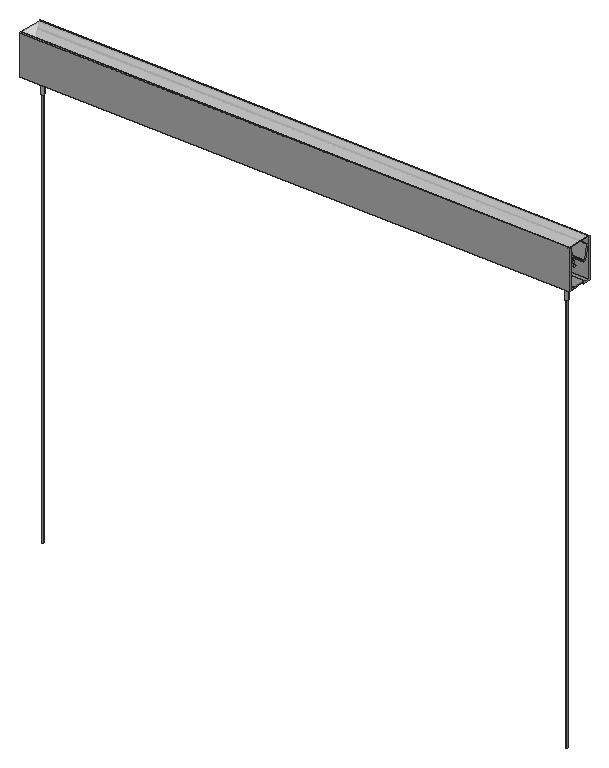
Revit family "2093093 Sylvania Lighting Fixture MC2 D I 1-2M 3K DALI WHT PRIS", category Lighting Fixtures, host Face, Revit 2016
Family settings
  Host = Face
  Part Type = Normal
  Round Connector Dimension = Use Diameter
  OmniClass Number = 23.80.70.11.17
  OmniClass Title = Specialized Lighting by Location or Use
  Cut with Voids When Loaded = No
  Light Source = Yes
  Shared = No
  Room Calculation Point = No
Parameters (values of type "2093093 MC2 D/I 1.2M 3K DALI WHT PRIS")
  Width_SYL = 54.0 mm
  Weight = "3.1 kg"
  Wattage = 32 W
  WarrantyStartDate [instance] = "n/a"
  WarrantyGuarantorParts = "n/a"
  WarrantyDurationUnit = "n/a"
  WarrantyDurationParts = "n/a"
  WarrantyDescription = "n/a"
  built-in parameter 1150110 = 1 (stored number, unit not read)
  Voltage = 0 V
  URL = "http://www.sylvania-lighting.com"
  TypeName = "MC2 D/I 1.2M 3K DALI WHT PRIS"
  built-in parameter 1114217 = 1 (stored number, unit not read)
  Tilt Angle = -90.00°
  built-in parameter 1150109 = 1 (stored number, unit not read)
  built-in parameter 1150134 = (empty or 0)
  built-in parameter 1150113 = 1 (stored number, unit not read)
  SerialNumber [instance] = "n/a"
  PowerFactor = 0.95
  PowerConsumption = "32 W"
  NominalWidth = 0.0 mm
  NominalLength = 1200.0 mm
  NominalHeight = 86.0 mm
  Name = "MC2 D/I 1.2M 3K DALI WHT PRIS"
  ModelReference = "MC2 D/I 1.2M 3K DALI WHT PRIS"
  ModelNumber = "2093093"
  Material_3_SYL = Metal_Sylvania_Mini Contiuum II_Silver
  Photometric Web File = "2093093.ies"
  Material_4_SYL = Metal_Sylvania_Mini Contiuum II_Silver
  MountingHeight_SYL [instance] = 1000.0 mm
  Material = "aluminium housing, polycarbonate diffuser"
  ManufacturerName = "Feilo Sylvania"
  LuminousEfficacy = "116 lm/W"
  LuminaireType = ""
  LightOutputRatio = "100"
  Length_SYL = 1200.0 mm
  LampsType = Lamp  # "LED"
  LampNominalLuminous = "3696 lm"
  LampMacAdamStep = "3"
  LampColourTemperature = "3000 K"
  LampColourRenderingIndex = "80"
  Keynote = "16500"
  InstallationDate [instance] = "n/a"
  InputVoltage = "n/a"
  InputNominalFrequency = "n/a"
  IngressProtection = "IP20"
  ImpactProtectionIndex = "n/a"
  IfcExportType = "IfcLightFixtureType"
  IfcExportAs = "IfcLightFixtureType"
  Height_SYL = 86.0 mm
  ExpectedLife = 50000
  EndCapRight_SYL [instance] = no
  EndCapLeft_SYL [instance] = no
  Emit from Rectangle Width = Width_SYL - 2.0 mm  # 52.0 mm
  Emit from Rectangle Length = Length_SYL  # 1200.0 mm
  Emit Shape Visible in Rendering = no
  ElectricShockClassification = "Class I"
  DurationUnit = "hours"
  DocumentationLiterature = "http://www.sylvania-lighting.com/product/en-int/products/2093093"
  DimmingControlOptions = "n/a"
  CreatedOn = "10/15/2018"
  CreatedBy = "@sylvania-lighting.com"
  built-in parameter 1114216 [instance] = 1 (stored number, unit not read)
  Model = "MC2 D/I 1.2M 3K DALI WHT PRIS"
  Manufacturer = "Feilo Sylvania"
  built-in parameter 1150105 = 295.39 (stored number, unit not read)
  Lumens = 3712 lm
  built-in parameter 1150115 = 1 (stored number, unit not read)
  built-in parameter 1150137 = (empty or 0)
  built-in parameter 1150139 = (empty or 0)
  built-in parameter 1150112 = 1 (stored number, unit not read)
  built-in parameter 1150114 = 1 (stored number, unit not read)
  Lamp = "LED"
  built-in parameter 1150132 = 2
  built-in parameter 1150102 = (empty or 0)
  built-in parameter 1150107 = 3000 (stored number, unit not read)
  built-in parameter 1150138 = (empty or 0)
  built-in parameter 1150106 = 2.9539 (stored number, unit not read)
  Material_1_SYL = Metal_Sylvania_Mini Continuum II_White
  built-in parameter 1150104 = 10.777 (stored number, unit not read)
  Dimming Lamp Color Temperature Shift = <None>
  Material_2_SYL = Polycarbonate_Sylvania_Mini Continuum II_Opal_4000K
  Description = "2093093   MC2 D/I 1.2M 3K DALI WHT PRIS  Continuous lines of LED light, white RAL 9016, direct/indirect distribution (65/35), various accessories available, compact and minimalist design based on the Golden Mean, ideal for offices, meeting rooms, corridors, education facilities, museums and libraries, extruded aluminium body, diffuser: micro prismatic, colour temperature: 3000K warm white, total system power: 32W, total fixture output: 3696lm, luminaire efficacy: 116lm/W, LOR: 100%, colour rendering: Ra >80, LED Chromacity: 1 step MacAdam ellipse, lifetime: 60,000 hours at 90% of the original output (L90), energy class: A++, A+, A, IR/UV free light source without heat radiation, operating voltage: 220-240V / 50-60Hz, drive current: (Direct) 800mA + (Indirect) 350mA, electronic driver, DALI dimmable, direct/indirect independently addressable, electrical protection: CLASS I, IP20, suitable for internal environment only."
  Default Elevation = 0.0 mm
  Color Filter = 16777215
  built-in parameter 1140040 [instance] = 1
  BarCode [instance] = "n/a"
  built-in parameter 1114218 = 1 (stored number, unit not read)
  built-in parameter 1150133 = 10 (stored number, unit not read)
  AssetType = "Fixed"
  AssetIdentifier [instance] = "n/a"
  Assembly Code = "D5020200"
  Apparent Load = 32 VA
Reference planes
  plane 1 "Center (Front/Back)": y = 0
  plane 2 "Bottom Fixtures": z = 0
  plane 3 "Center (Left/Right)": x = 0
  plane 4 "Fixture Left": x = -600
  plane 5 "Fixture Right": x = 600
  plane 6 "Fixture Bottom": z = 1000
  plane 7: z = 998
  plane 8: z = 996
  plane 9: z = 986.951
  plane 10: z = 956.951
  plane 11 "Fixture Top": z = 914
  plane 12 "Mounting Right": x = 572
  plane 13 "Mounting Left": x = -572
  plane 14: z = 879
  plane 15: y = 27
  plane 16: y = -27
  plane 17: y = -26
  plane 18: y = -25
  plane 19: y = 26
  plane 20: y = 25
  plane 21: y = 11
  plane 22: y = -11
  plane 23: y = 24
  plane 24: y = 22
  plane 25: y = -22
  plane 26: y = 15
  plane 27: y = -15
  plane 28 "Upper Diffuser Left": x = -450
  plane 29 "Upper Diffuser Right": x = 450
  plane 30: x = -602
  plane 31: x = 602
Forms (mm)
  Extrusion 1, solid, material "Metal_Sylvania_Mini Continuum II_White" <- "Material_1_SYL", detail levels fine
    sketch origin (0, 0, 520) x (0, 1, 0) y (0, 0, 1)
      loop
        line (27, 480) -> (26, 480) -> (26, 478) -> (25, 478) -> (25, 396) -> (13, 396) -> (13, 398) -> (-13, 398) -> (-13, 396) -> (-25, 396) -> (-25, 478) -> (-26, 478) -> (-26, 480) -> (-27, 480) -> (-27, 394) -> (-11, 394) -> (-11, 396) -> (11, 396) -> (11, 394) -> (27, 394) -> (27, 480)
    from -600 to 600
  Extrusion 2, solid, material "Polycarbonate_Sylvania_Mini Continuum II_Opal_4000K" <- "Material_2_SYL", detail levels fine
    sketch origin (0, 0, 520) x (0, 1, 0) y (0, 0, 1)
      loop
        line (-26, 480) -> (-26, 478) -> (26, 478) -> (26, 480) -> (-26, 480)
    from -600 to 600
  Extrusion 3, solid, material "Metal_Sylvania_Mini Contiuum II_Silver" <- "Material_3_SYL", detail levels fine
    sketch origin (0, 0, 520) x (0, 1, 0) y (0, 0, 1)
      loop
        line (22, 466.951) -> (20.973, 466.951) -> (14.206, 437.951) -> (11, 437.951) -> (11, 436.951) -> (15, 436.951) -> (22, 466.951)
      loop
        line (-15, 436.951) -> (-11, 436.951) -> (-11, 437.951) -> (-14.206, 437.951) -> (-20.973, 466.951) -> (-22, 466.951) -> (-15, 436.951)
    from -600 to 600
  Extrusion 4, solid, material "Metal_Sylvania_Mini Continuum II_White" <- "Material_1_SYL", detail levels coarse+medium
    sketch origin (0, 0, 520) x (0, 1, 0) y (0, 0, 1)
      loop
        line (-27, 480) -> (-27, 394) -> (27, 394) -> (27, 480) -> (-27, 480)
    from -600 to 600
  Extrusion 5, solid, material "Metal_Sylvania_Mini Contiuum II_Silver" <- "Material_4_SYL", detail levels fine
    sketch origin (0, 0, -86) x (-1, 0, 0) y (0, -1, 0)
      loop
        circle (572, 0) r 4
      loop
        circle (-572, 0) r 4
    from 965 to 1002
  Extrusion 6, solid, material "Metal_Sylvania_Mini Contiuum II_Silver" <- "Material_4_SYL", detail levels fine
    sketch origin (0, 0, -86) x (-1, 0, 0) y (0, -1, 0)
      loop
        circle (-572, 0) r 1
      loop
        circle (572, 0) r 1
    from 86 to 965
  Extrusion 7, solid, material "Polycarbonate_Sylvania_Mini Continuum II_Opal_4000K" <- "Material_2_SYL", detail levels fine
    sketch origin (0, 0, 0) x (0, 1, 0) y (0, 0, 1)
      loop
        arc (11, 916) -> (5.59, 914.504) -> (0, 914) r 31.25
        arc (0, 914) -> (-5.59, 914.504) -> (-11, 916) r 31.25
        line (-11, 916) -> (-11, 914.934)
        arc (-11, 914.934) -> (-5.584, 913.487) -> (0, 913) r 32.25
        arc (0, 913) -> (5.584, 913.487) -> (11, 914.934) r 32.25
        line (11, 914.934) -> (11, 916)
    from -450 to 450
  Extrusion 8, void
    sketch origin (0, 0, 0) x (0, 1, 0) y (0, 0, 1)
      loop
        line (11, 918) -> (-11, 918) -> (-11, 916) -> (11, 916) -> (11, 918)
    from -450 to 450
  Extrusion 9, solid, material "Metal_Sylvania_Mini Continuum II_White" <- "Material_1_SYL", visible <- "EndCapLeft_SYL"
    sketch origin (-600, 171.684, 1219.2) x (0, 1, 0) y (0, 0, 1)
      loop
        line (-198.684, -305.2) -> (-144.684, -305.2) -> (-144.684, -219.2) -> (-198.684, -219.2) -> (-198.684, -305.2)
    from 0 to -2
  Extrusion 10, solid, material "Metal_Sylvania_Mini Continuum II_White" <- "Material_1_SYL", visible <- "EndCapRight_SYL"
    sketch origin (600, 171.684, 1219.2) x (0, 1, 0) y (0, 0, -1)
      loop
        line (-144.684, 219.2) -> (-144.684, 305.2) -> (-198.684, 305.2) -> (-198.684, 219.2) -> (-144.684, 219.2)
    from 0 to -2
Cuts and joins
  Extrusion 8 cuts Extrusion 1
Lines and regions (mm)
  Masking region 1
    outline origin (0, 0, -86) x (-1, 0, 0) y (0, -1, 0)
      loop
        line (600, -27) -> (600, 27) -> (-600, 27) -> (-600, -27) -> (600, -27)
  symbolic lines, detail levels fine
    curve 1: line (-600, 26, -86) -> (600, 26, -86)
    curve 2: line (-600, -26, -86) -> (600, -26, -86)
  model lines, detail levels coarse+medium
    curve 3: line (-572, 0, 914) -> (-572, 0, 0)
    curve 4: line (572, 0, 914) -> (572, 0, 0)
Dimensions and locks
  host sketch curve to plane 3 "Center (Left/Right)" to host sketch curve = 820.0 mm, 775.047 mm
  equal spacing: plane 4 "Fixture Left", plane 3 "Center (Left/Right)", plane 5 "Fixture Right"
  "Length_SYL": plane 4 "Fixture Left" to plane 5 "Fixture Right"
  plane 6 "Fixture Bottom" to plane 7 to plane 8 to plane 9 to plane 10 = 2.0 mm locked, 2.0 mm locked, 9.049 mm locked, 30.0 mm locked
  locked: Extrusion 1 sketch curve to Extrusion 1 sketch curve at 2
  locked: Extrusion 1 sketch curve to plane 11 "Fixture Top" at 2
  "Height_SYL": plane 6 "Fixture Bottom" to plane 11 "Fixture Top"
  locked: plane 12 "Mounting Right" to plane 5 "Fixture Right" at 28
  locked: plane 4 "Fixture Left" to plane 13 "Mounting Left" at 28
  locked: plane 11 "Fixture Top" to plane 14 at 35
  "MountingHeight_SYL": plane 6 "Fixture Bottom" to plane 2 "Bottom Fixtures"
  equal spacing: plane 15, plane 1 "Center (Front/Back)", plane 16
  "Width_SYL": plane 15 to plane 16
  plane 22 to plane 27 to plane 25 to plane 18 to plane 17 to plane 16 = 4.0 mm locked, 7.0 mm locked, 3.0 mm locked, 1.0 mm locked, 1.0 mm locked
  plane 15 to plane 19 to plane 20 to plane 23 to plane 24 to plane 26 to plane 21 = 1.0 mm locked, 1.0 mm locked, 1.0 mm locked, 2.0 mm locked, 7.0 mm locked, 4.0 mm locked
  locked: plane 4 "Fixture Left" to plane 28 "Upper Diffuser Left" at 150
  locked: plane 29 "Upper Diffuser Right" to plane 5 "Fixture Right" at 150
  equal spacing: plane 30, plane 3 "Center (Left/Right)", plane 31
  locked: plane 30 to plane 4 "Fixture Left" at 2
  aligned and locked: plane 2 "Bottom Fixtures" to host face
  aligned and locked: level to host face
  aligned and locked: plane 5 "Fixture Right" to curve 1
  aligned and locked: plane 4 "Fixture Left" to curve 1
  aligned and locked: plane 4 "Fixture Left" to curve 2
  aligned and locked: plane 5 "Fixture Right" to curve 2
  aligned and locked: Extrusion 1 sketch curve to plane 7
  aligned and locked: plane 6 "Fixture Bottom" to Extrusion 1 sketch curve  (x2)
  aligned and locked: plane 7 to Extrusion 1 sketch curve
  aligned and locked: Extrusion 1 to Extrusion 2 sketch curve
  aligned and locked: Extrusion 2 sketch curve to Extrusion 1  (x3)
  aligned and locked: Extrusion 3 sketch curve to plane 10
  aligned and locked: plane 9 to Extrusion 3 sketch curve
  aligned and locked: Extrusion 3 sketch curve to plane 9
  aligned and locked: Extrusion 4 sketch curve to plane 6 "Fixture Bottom"
  aligned and locked: Extrusion 4 to plane 4 "Fixture Left"
  aligned and locked: Extrusion 2 to plane 4 "Fixture Left"
  aligned and locked: Extrusion 3 to plane 4 "Fixture Left"
  aligned and locked: Extrusion 1 to plane 4 "Fixture Left"
  aligned and locked: Extrusion 4 to plane 5 "Fixture Right"
  aligned and locked: Extrusion 2 to plane 5 "Fixture Right"
  aligned and locked: Extrusion 3 to plane 5 "Fixture Right"
  aligned and locked: Extrusion 1 to plane 5 "Fixture Right"
  aligned and locked: plane 11 "Fixture Top" to Extrusion 4 sketch curve
  aligned and locked: Extrusion 1 sketch curve to plane 11 "Fixture Top"  (x2)
  aligned and locked: Extrusion 1 sketch curve to Extrusion 1 sketch curve
  aligned and locked: plane 6 "Fixture Bottom" to imposter light
  aligned and locked: plane 11 "Fixture Top" to curve 3
  aligned and locked: plane 2 "Bottom Fixtures" to curve 3
  aligned and locked: plane 11 "Fixture Top" to curve 4
  aligned and locked: plane 2 "Bottom Fixtures" to curve 4
  aligned and locked: curve 4 to plane 12 "Mounting Right"
  aligned and locked: curve 3 to plane 13 "Mounting Left"
  aligned and locked: Extrusion 5 to Extrusion 1
  aligned and locked: Extrusion 5 to plane 14
  aligned and locked: plane 14 to Extrusion 6
  aligned and locked: Extrusion 6 to level
  aligned and locked: plane 11 "Fixture Top" to Extrusion 7 sketch curve
  aligned and locked: Extrusion 7 to plane 28 "Upper Diffuser Left"
  aligned and locked: Extrusion 7 to plane 29 "Upper Diffuser Right"
  aligned and locked: plane 21 to Extrusion 3 sketch curve
  aligned and locked: Extrusion 3 sketch curve to plane 22
  aligned and locked: Extrusion 8 sketch curve to plane 21
  aligned and locked: Extrusion 8 sketch curve to plane 22
  aligned and locked: Extrusion 8 sketch curve to Extrusion 1  (x2)
  aligned and locked: Extrusion 8 to Extrusion 7  (x2)
  aligned and locked: plane 21 to Extrusion 7 sketch curve
  aligned and locked: plane 1 "Center (Front/Back)" to Extrusion 7 sketch curve
  aligned and locked: plane 22 to Extrusion 7 sketch curve
  aligned and locked: Extrusion 9 sketch curve to Extrusion 4  (x4)
  aligned and locked: Extrusion 9 to plane 30
  aligned and locked: plane 4 "Fixture Left" to Extrusion 9
  aligned and locked: Extrusion 10 sketch curve to Extrusion 4  (x4)
  aligned and locked: plane 31 to Extrusion 10
  aligned and locked: plane 5 "Fixture Right" to Extrusion 10
Automatic sketch dimensions
  host sketch curve to host sketch curve = 1047.463 mm
  plane 19 to curve 1 = 0.0 mm
  curve 2 to plane 17 = 0.0 mm
  Masking region 1 sketch curve to plane 5 "Fixture Right" = 0.0 mm
  Masking region 1 sketch curve to plane 4 "Fixture Left" = 0.0 mm
  plane 15 to Masking region 1 sketch curve = 0.0 mm
  Masking region 1 sketch curve to plane 16 = 0.0 mm
  Extrusion 1 sketch curve to plane 16 = 0.0 mm
  Extrusion 1 sketch curve to plane 17 = 0.0 mm
  Extrusion 1 sketch curve to plane 18 = 0.0 mm
  Extrusion 1 sketch curve to plane 22 = 0.0 mm
  Extrusion 1 sketch curve to plane 21 = 0.0 mm
  Extrusion 1 sketch curve to plane 20 = 0.0 mm
  Extrusion 1 sketch curve to plane 19 = 0.0 mm
  Extrusion 1 sketch curve to plane 15 = 0.0 mm
  plane 11 "Fixture Top" to Extrusion 1 sketch curve = 2.0 mm
  Extrusion 1 sketch curve to plane 22 = 2.0 mm
  Extrusion 1 sketch curve to plane 21 = 2.0 mm
  Extrusion 3 sketch curve to plane 25 = 0.0 mm
  Extrusion 3 sketch curve to plane 27 = 0.0 mm
  Extrusion 3 sketch curve to plane 26 = 0.0 mm
  Extrusion 3 sketch curve to plane 24 = 0.0 mm
  plane 10 to Extrusion 3 sketch curve = 1.0 mm
  Extrusion 3 sketch curve to Extrusion 3 sketch curve = 1.027 mm
  plane 27 to Extrusion 3 sketch curve = 0.794 mm
  plane 26 to Extrusion 3 sketch curve = 0.794 mm
  plane 24 to Extrusion 3 sketch curve = 1.027 mm
  Extrusion 4 sketch curve to plane 16 = 0.0 mm
  Extrusion 4 sketch curve to plane 15 = 0.0 mm
  plane 1 "Center (Front/Back)" to Extrusion 5 sketch curve = 0.0 mm  (x2)
  Extrusion 5 sketch curve to plane 12 "Mounting Right" = 0.0 mm
  Extrusion 5 sketch curve to plane 13 "Mounting Left" = 0.0 mm
  plane 1 "Center (Front/Back)" to Extrusion 6 sketch curve = 0.0 mm  (x2)
  Extrusion 6 sketch curve to plane 12 "Mounting Right" = 0.0 mm
  Extrusion 6 sketch curve to plane 13 "Mounting Left" = 0.0 mm
  Extrusion 7 sketch curve to Extrusion 7 sketch curve = 0.0 mm  (x4)
  plane 11 "Fixture Top" to Extrusion 7 sketch curve = 0.934 mm
  Extrusion 3 sketch curve to Extrusion 3 sketch curve = 0.0 mm
  Extrusion 3 sketch curve to plane 10 = 0.0 mm
  plane 11 "Fixture Top" to Extrusion 7 sketch curve = 2.0 mm
  radius of Extrusion 5 sketch curve = 4.0 mm  (x2)
  radius of Extrusion 6 sketch curve = 1.0 mm  (x2)
Connectors
  electrical at (600, 0, 949), driven by "Apparent Load"
    settings: on Extrusion 1, index 1, voltage 230 V, apparent load 0 VA, apparent load phase1 32 VA, apparent load phase2 0 VA, apparent load phase3 0 VA, power factor 1, load classification "Lighting", number of poles 1, system type 31, power factor state 1, is connector primary yes, connector utility no, sub classification motor no, connector description ""
